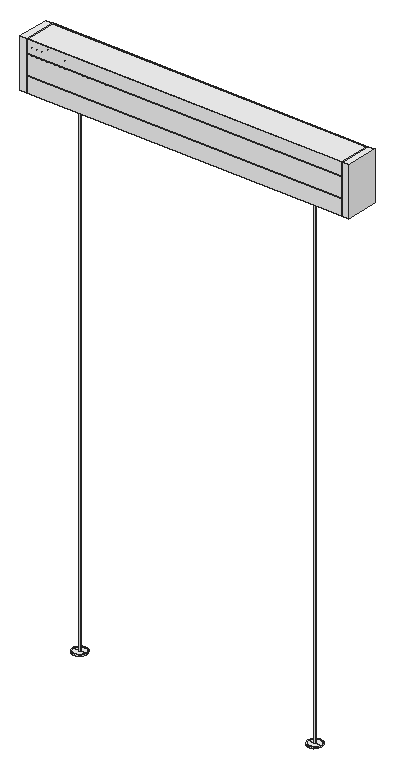
Revit family "2.3 inch  MAGIC WALL WASH LINEAR LIGHT", category Lighting Fixtures, host Face, Revit 2020 (continued)
Types (17): name | Wattage Comments | Wattage | Wall Mount | Suspenders Distance | Surface Mount | Recessed Mount | Photometric Web File | Pendent Mount | Order number | built-in parameter 1150142 | Model | built-in parameter 1150105 | Lumens | Light Source Height | Light Source Distance | built-in parameter 1150106 | Fixture Length
      4.58     4.56     4.55     4.53     4.51     \r\n 4.49     4.47     4.46     4.45     4.43     4.41     4.38     4.36     4.34     4.32     \r\n 4.30     4.27     4.24     4.22     4.21     4.19     4.16     4.12     4.08     4.05     \r\n 4.26     \r\n1793.11  1778.94  1764.79  1749.53  1734.21  1719.02  1703.85  1688.51  1673.16  1657.68  \r\n 1642.14  1625.83  1609.13  1591.99  1574.54  1556.74  1538.60  1520.33  1501.89  1483.16  \r\n 1463.91  1444.87  1426.30  1407.48  1387.76  1368.04  1348.20  1328.38  1308.67  1288.97  \r\n 1270.01  1251.06  1231.96  1212.86  1195.48  1178.41  1160.24  1141.75  1124.66  1108.20  \r\n 1092.04  1076.07  1060.60  1045.61  1030.83  1016.29  1002.05  988.38   974.68   960.87   \r\n 947.26   934.43   921.66   909.23   896.81   885.04   873.28   861.67   850.09   839.16   \r\n 828.35   817.59   806.89   796.60   786.54   776.35   766.05   756.13   746.69   737.26   \r\n 727.85   718.51   709.34   700.24   691.46   682.69   673.85   665.03   656.43   647.87   \r\n 639.68   631.59   623.51   615.46   607.43   599.41   591.38   583.31   575.45   568.07   \r\n 560.69   553.20   545.70   537.24   528.80   520.55   512.34   504.08   495.81   487.75   \r\n 479.84   471.96   464.07   456.23   448.51   440.82   433.37   425.95   418.49   411.05   \r\n 403.73   396.48   389.29   382.17   375.13   368.29   361.49   354.46   347.48   340.72   \r\n 334.05   327.41   320.80   314.23   307.82   301.46   295.19   288.98   282.71   276.39   \r\n 270.21   264.40   258.40   251.69   245.00   238.45   232.05   225.71   219.41   213.16   \r\n 207.03   201.04   195.11   189.28   183.51   177.84   172.28   166.79   161.37   156.03   \r\n 150.76   145.66   139.97   134.37   128.81   123.33   117.95   112.67   107.51   102.43   \r\n 97.45    92.58    87.81    83.14    78.42    73.76    69.19    64.69    60.26    55.91    \r\n 51.62    47.39    43.21    39.33    35.50    31.71    27.93    24.18    20.44    16.71    \r\n 12.98    11.38    9.78     8.19     6.61     5.04     3.50     1.97     0.57     0.58     \r\n 0.60     0.62     0.63     0.65     0.67     0.69     0.72     0.74     0.76     0.79     \r\n 0.82     0.84     0.88     0.91     0.94     0.98     1.01     1.04     1.07     1.11     \r\n 1.15     1.19     1.23     1.28     1.33     1.37     1.42     1.46     1.50     1.54     \r\n 1.58     1.63     1.68     1.72     1.78     1.83     1.88     1.93     1.98     2.02     \r\n 2.06     2.11     2.16     2.20     2.25     2.30     2.34     2.39     2.44     2.48     \r\n 2.53     2.58     2.63     2.68     2.72     2.77     2.82     2.87     2.91     2.96     \r\n 3.02     3.07     3.12     3.17     3.21     3.26     3.31     3.35     3.40     3.44     \r\n 3.49     3.54     3.59     3.63     3.68     3.74     3.79     3.82     3.85     3.89     \r\n 3.94     3.97     3.99     4.02     4.05     4.09     4.12     4.15     4.19     4.22     \r\n 4.25     4.29     4.32     4.34     4.37     4.39     4.41     4.44     4.46     4.48     \r\n 4.50     4.52     4.54     4.56     4.58     4.60     4.62     4.63     4.64     4.66     \r\n 4.68     4.69     4.70     4.70     4.70     4.71     4.71     4.72     4.72     4.73     \r\n 4.73     4.73     4.73     4.73     4.74     4.74     4.74     4.74     4.74     4.74     \r\n 4.74     4.73     4.72     4.71     4.71     4.71     4.70     4.69     4.69     4.68     \r\n 4.66     4.64     4.63     4.62     4.60     4.59     4.58     4.56     4.54     4.53     \r\n 4.51     4.48     4.47     4.46     4.44     4.42     4.39     4.37     4.35     4.33     \r\n 4.31     4.28     4.25     4.23     4.21     4.19     4.17     4.13     4.09     4.05     \r\n 4.26     \r\n1793.11  1778.79  1764.48  1748.99  1733.48  1718.12  1702.77  1687.21  1671.64  1655.94  \r\n 1640.22  1623.42  1606.45  1588.81  1571.04  1552.71  1534.24  1515.51  1496.70  1477.24  \r\n 1457.54  1438.41  1419.51  1399.76  1379.57  1359.34  1339.08  1318.92  1298.84  1279.17  \r\n 1259.83  1240.37  1220.83  1202.40  1185.10  1166.99  1147.96  1129.88  1113.07  1096.49  \r\n 1080.26  1064.31  1048.87  1033.67  1018.94  1004.41  990.39   976.34   962.21   948.29   \r\n 935.13   922.07   909.45   896.90   884.83   872.77   860.86   849.01   838.04   827.07   \r\n 815.85   804.66   794.33   784.02   773.60   763.16   753.32   743.57   733.93   724.31   \r\n 714.77   705.25   696.06   686.99   677.86   668.70   659.70   650.79   642.23   633.90   \r\n 625.50   617.04   608.68   600.40   592.14   583.89   575.76   567.85   559.98   552.16   \r\n 544.36   536.61   528.91   521.37   513.84   506.29   498.77   491.48   484.20   476.87   \r\n 469.56   462.39   455.25   448.40   441.60   434.68   427.76   420.94   414.17   407.48   \r\n 400.84   394.34   387.98   381.51   374.88   367.60   360.47   353.38   346.42   339.45   \r\n 332.43   325.45   318.59   311.77   304.86   297.95   291.42   285.04   278.38   271.54   \r\n 264.77   258.10   251.54   245.20   238.92   232.91   226.93   220.94   215.00   209.19   \r\n 203.46   197.81   192.23   186.68   181.05   175.47   170.17   164.64   158.88   153.25   \r\n 147.64   141.65   135.82   130.40   125.23   120.20   115.39   110.66   106.02   101.47   \r\n 97.03    92.16    87.17    82.29    77.58    72.99    68.50    64.13    59.92    55.73    \r\n 51.53    47.41    43.37    39.41    35.53    31.74    28.03    24.35    20.70    17.07    \r\n 13.45    11.02    8.59     6.19     3.81     1.48     0.70     0.66     0.63     0.61     \r\n 0.60     0.60     0.61     0.63     0.65     0.67     0.69     0.72     0.75     0.78     \r\n 0.81     0.83     0.86     0.90     0.94     0.97     1.01     1.05     1.09     1.13     \r\n 1.17     1.22     1.26     1.31     1.34     1.38     1.42     1.46     1.50     1.53     \r\n 1.58     1.62     1.66     1.70     1.75     1.79     1.84     1.88     1.92     1.96     \r\n 2.01     2.06     2.12     2.17     2.21     2.26     2.31     2.36     2.41     2.46     \r\n 2.51     2.56     2.61     2.66     2.71     2.76     2.82     2.87     2.92     2.96     \r\n 3.00     3.05     3.10     3.15     3.20     3.25     3.30     3.35     3.39     3.43     \r\n 3.48     3.52     3.56     3.61     3.65     3.70     3.74     3.79     3.84     3.87     \r\n 3.90     3.94     3.98     4.02     4.05     4.08     4.11     4.14     4.18     4.21     \r\n 4.25     4.28     4.31     4.34     4.37     4.40     4.42     4.44     4.47     4.49     \r\n 4.51     4.53     4.55     4.57     4.59     4.61     4.63     4.65     4.66     4.67     \r\n 4.69     4.70     4.72     4.73     4.73     4.73     4.73     4.74     4.74     4.74     \r\n 4.74     4.75     4.75     4.75     4.75     4.75     4.75     4.75     4.75     4.75     \r\n 4.75     4.75     4.74     4.73     4.72     4.72     4.71     4.70     4.69     4.69     \r\n 4.68     4.66     4.64     4.63     4.61     4.60     4.59     4.57     4.56     4.54     \r\n 4.52     4.49     4.47     4.46     4.45     4.43     4.40     4.38     4.35     4.34     \r\n 4.31     4.28     4.25     4.23     4.21     4.19     4.17     4.13     4.09     4.06     \r\n 4.26     \r\n1793.11  1778.75  1764.39  1748.81  1733.22  1717.81  1702.40  1686.73  1671.06  1655.28  \r\n 1639.50  1622.43  1605.31  1587.37  1569.41  1550.78  1532.12  1513.09  1494.05  1474.11  \r\n 1454.13  1434.99  1415.92  1395.53  1375.03  1354.50  1333.98  1313.66  1293.36  1273.70  \r\n 1254.13  1234.32  1214.49  1196.81  1179.42  1160.27  1140.87  1123.50  1106.47  1090.03  \r\n 1073.70  1057.85  1042.11  1027.17  1012.38  998.03   983.79   969.47   955.14   941.59   \r\n 928.23   915.40   902.70   890.35   878.09   865.94   853.82   842.55   831.53   820.09   \r\n 808.51   797.78   787.34   776.89   766.42   756.32   746.35   736.56   726.84   717.09   \r\n 707.31   697.89   688.63   679.29   669.92   660.69   651.54   642.85   634.39   625.74   \r\n 616.99   608.45   600.03   591.68   583.36   575.03   566.69   558.54   550.51   542.49   \r\n 534.47   526.57   518.77   511.01   503.28   495.66   488.12   480.52   472.86   465.30   \r\n 457.86   450.62   443.61   436.45   429.13   421.94   414.93   407.90   400.86   393.89   \r\n 387.02   380.18   373.38   366.56   359.71   352.99   346.56   340.07   333.47   326.91   \r\n 320.48   314.02   307.45   301.00   294.99   288.89   282.34   275.81   269.37   262.94   \r\n 256.74   250.56   244.73   238.92   233.03   227.15   221.38   215.65   210.06   204.50   \r\n 198.95   193.40   188.07   182.81   177.54   171.60   165.67   159.71   153.93   148.32   \r\n 142.77   137.33   131.92   126.53   121.22   116.07   110.97   106.05   101.19   96.43    \r\n 91.76    87.27    82.92    78.59    74.06    69.65    65.48    61.47    57.66    54.06    \r\n 50.65    46.54    42.58    38.80    35.23    31.55    27.94    24.46    20.92    17.37    \r\n 13.85    9.83     5.83     2.82     1.87     1.07     0.55     0.53     0.53     0.53     \r\n 0.54     0.57     0.61     0.64     0.66     0.69     0.72     0.75     0.78     0.80     \r\n 0.82     0.85     0.88     0.91     0.94     0.97     1.01     1.04     1.07     1.11     \r\n 1.14     1.18     1.22     1.26     1.30     1.34     1.38     1.42     1.46     1.50     \r\n 1.54     1.58     1.63     1.67     1.71     1.76     1.81     1.86     1.91     1.96     \r\n 2.00     2.05     2.09     2.14     2.20     2.26     2.30     2.34     2.39     2.44     \r\n 2.49     2.54     2.59     2.64     2.69     2.74     2.79     2.84     2.89     2.94     \r\n 2.99     3.04     3.09     3.13     3.18     3.24     3.28     3.33     3.38     3.43     \r\n 3.48     3.52     3.57     3.61     3.65     3.69     3.74     3.78     3.83     3.87     \r\n 3.91     3.95     3.98     4.02     4.06     4.09     4.13     4.16     4.20     4.23     \r\n 4.26     4.30     4.33     4.36     4.39     4.42     4.44     4.46     4.49     4.51     \r\n 4.54     4.56     4.58     4.60     4.62     4.63     4.65     4.67     4.69     4.70     \r\n 4.71     4.73     4.74     4.75     4.75     4.75     4.76     4.76     4.76     4.76     \r\n 4.76     4.76     4.76     4.76     4.76     4.76     4.76     4.76     4.76     4.76     \r\n 4.76     4.76     4.75     4.74     4.72     4.72     4.72     4.71     4.70     4.70     \r\n 4.69     4.67     4.65     4.63     4.62     4.61     4.59     4.58     4.56     4.54     \r\n 4.52     4.50     4.48     4.47     4.45     4.43     4.41     4.38     4.36     4.34     \r\n 4.32     4.29     4.26     4.23     4.21     4.20     4.18     4.13     4.09     4.06     \r\n 4.26     \r\n1793.11  1778.82  1764.52  1748.98  1733.44  1718.09  1702.74  1687.08  1671.43  1655.71  \r\n 1640.00  1622.86  1605.72  1587.71  1569.69  1550.97  1532.26  1513.13  1494.00  1473.87  \r\n 1453.74  1434.65  1415.56  1394.90  1374.23  1353.61  1332.98  1312.63  1292.29  1272.63  \r\n 1252.98  1233.03  1213.08  1195.75  1178.42  1158.79  1139.16  1122.07  1104.97  1088.66  \r\n 1072.36  1056.44  1040.52  1025.81  1011.09  996.75   982.40   968.00   953.61   940.16   \r\n 926.71   914.06   901.41   889.08   876.75   864.55   852.34   841.38   830.43   818.59   \r\n 806.75   796.28   785.82   775.44   765.06   754.99   744.92   735.21   725.49   715.58   \r\n 705.67   696.32   686.96   677.49   668.01   658.74   649.47   640.99   632.51   623.58   \r\n 614.65   606.20   597.75   589.48   581.21   572.56   563.91   555.80   547.68   539.52   \r\n 531.35   523.39   515.44   507.66   499.88   492.23   484.58   476.70   468.83   461.22   \r\n 453.62   446.53   439.44   431.88   424.31   417.20   410.09   402.80   395.52   388.31   \r\n 381.10   374.29   367.49   360.21   352.92   346.30   339.68   332.80   325.93   319.26   \r\n 312.59   305.71   298.83   292.51   286.20   279.53   272.87   266.53   260.19   253.73   \r\n 247.26   240.90   234.54   228.36   222.18   215.87   209.56   203.59   197.61   191.66   \r\n 185.71   179.79   173.87   168.04   162.20   156.22   150.24   144.25   138.26   132.81   \r\n 127.35   122.07   116.79   111.52   106.24   101.10   95.95    90.98    86.02    81.22    \r\n 76.43    71.74    67.04    62.60    58.15    53.82    49.49    45.36    41.24    37.27    \r\n 33.30    29.51    25.71    22.14    18.57    15.17    11.76    8.37     4.98     3.16     \r\n 1.34     1.54     1.34     1.34     1.34     1.35     1.35     1.36     1.37     1.39     \r\n 1.41     1.43     1.46     1.48     1.51     1.54     1.58     1.60     1.63     1.66     \r\n 1.70     1.73     1.76     1.79     1.83     1.87     1.91     1.95     1.99     2.03     \r\n 2.07     2.12     2.16     2.21     2.26     2.30     2.35     2.40     2.44     2.50     \r\n 2.55     2.60     2.64     2.70     2.76     2.81     2.87     2.92     2.97     3.02     \r\n 3.08     3.14     3.19     3.25     3.30     3.36     3.41     3.47     3.53     3.58     \r\n 3.63     3.70     3.76     3.81     3.86     3.91     3.97     4.02     4.08     4.13     \r\n 4.19     4.24     4.30     4.35     4.41     4.46     4.52     4.57     4.62     4.68     \r\n 4.73     4.78     4.83     4.88     4.93     4.97     5.02     5.07     5.11     5.16     \r\n 5.21     5.25     5.29     5.33     5.37     5.41     5.45     5.49     5.53     5.56     \r\n 5.59     5.63     5.67     5.70     5.73     5.76     5.78     5.81     5.84     5.85     \r\n 5.87     5.88     5.90     5.90     5.90     5.90     5.90     5.90     5.90     5.90     \r\n 5.90     5.90     5.90     5.90     5.90     5.90     5.90     5.90     5.90     5.89     \r\n 5.89     5.89     5.89     5.89     5.90     5.87     5.85     5.84     5.83     5.80     \r\n 5.76     5.75     5.73     5.69     5.66     5.62     5.59     5.56     5.54     5.51     \r\n 5.47     5.44     5.41     5.36     5.31     5.27     5.24     5.20     5.16     5.13     \r\n 5.09     5.06     5.02     4.98     4.94     4.91     4.87     4.83     4.79     4.75     \r\n 4.70     4.66     4.62     4.58     4.54     4.50     4.47     4.42     4.38     4.32     \r\n 4.26     \r\n1793.11  1778.61  1764.11  1748.38  1732.64  1717.09  1701.55  1685.69  1669.83  1653.89  \r\n 1637.95  1620.68  1603.35  1585.22  1567.06  1548.23  1529.36  1510.11  1490.84  1470.63  \r\n 1450.36  1430.99  1411.69  1391.05  1370.30  1349.57  1328.85  1308.43  1288.05  1268.27  \r\n 1248.56  1228.63  1208.68  1190.93  1173.50  1154.31  1134.88  1117.42  1100.29  1083.85  \r\n 1067.54  1051.63  1035.81  1020.89  1006.16  991.70   977.29   962.94   948.61   935.07   \r\n 921.74   908.96   896.33   883.95   871.64   859.45   847.31   835.97   824.88   813.40   \r\n 801.81   791.02   780.50   770.06   759.65   749.52   739.50   729.65   719.87   710.09   \r\n 700.31   690.82   681.45   672.09   662.75   653.44   644.13   635.35   626.83   618.09   \r\n 609.23   600.62   592.16   583.82   575.55   567.07   558.45   550.16   542.08   534.02   \r\n 525.98   518.00   510.08   502.24   494.47   486.77   479.14   471.47   463.77   456.08   \r\n 448.38   441.05   434.12   426.95   419.48   412.15   404.99   397.84   390.71   383.59   \r\n 376.48   369.47   362.62   355.75   348.84   342.02   335.35   328.66   321.96   315.30   \r\n 308.75   302.12   295.20   288.32   281.61   274.93   268.45   262.01   255.79   249.56   \r\n 243.19   236.85   230.75   224.66   218.57   212.47   206.42   200.37   194.49   188.64   \r\n 182.84   177.07   171.36   165.69   160.07   154.13   148.28   142.50   136.77   131.08   \r\n 125.49   120.03   114.58   109.16   103.80   98.61    93.45    88.41    83.42    78.58    \r\n 73.81    69.19    64.68    60.17    55.35    50.60    46.06    41.60    37.26    33.05    \r\n 28.95    24.01    19.06    14.12    9.32     6.94     5.58     4.51     4.32     4.48     \r\n 4.64     4.77     4.89     5.01     5.13     5.24     5.31     5.30     5.28     5.26     \r\n 5.24     5.20     5.16     5.13     5.09     5.05     5.01     4.98     4.79     4.58     \r\n 4.39     4.21     4.04     3.89     3.75     3.61     3.48     3.37     3.26     3.16     \r\n 3.06     2.98     2.90     2.82     2.76     2.70     2.64     2.63     2.63     2.64     \r\n 2.67     2.69     2.70     2.71     2.75     2.78     2.81     2.83     2.87     2.90     \r\n 2.95     3.00     3.04     3.08     3.13     3.18     3.23     3.28     3.35     3.41     \r\n 3.46     3.51     3.56     3.61     3.68     3.75     3.80     3.85     3.90     3.96
